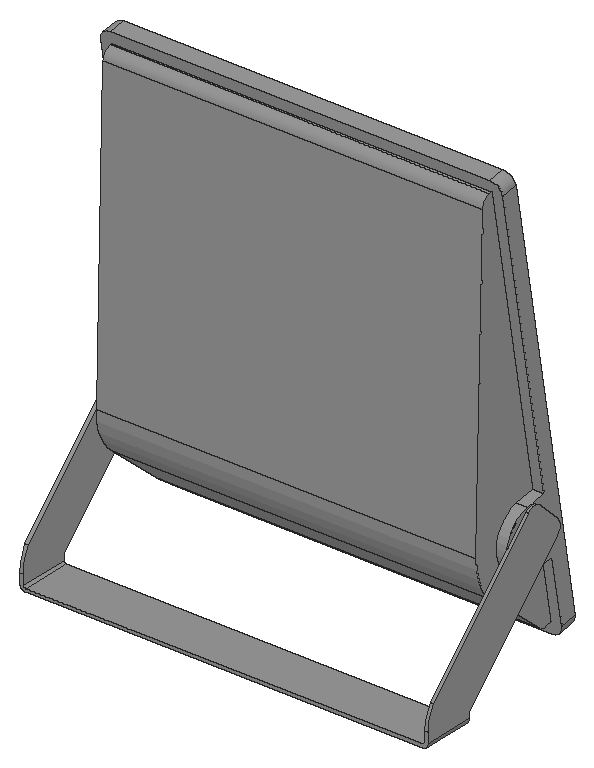
Revit family "0048530", category Lighting Fixtures, host Face, Revit 2017
Family settings
  Host = Face
  Round Connector Dimension = Use Diameter
  Part Type = Normal
  OmniClass Number = 23.80.70.00
  OmniClass Title = Lighting
  Cut with Voids When Loaded = No
  Light Source = No
  Shared = No
  Room Calculation Point = No
Parameters (values of type "0048530 START FLOOD IP66 26KLM 830 WB")
  WingRadius_SYL = 10 mm
  WingLength_SYL = if([50W_SYL], 100 mm, if([100W_SYL], 142 mm, if([150W_SYL], 142 mm, if([200W_SYL], 150 mm, 170 mm))))  # 150 mm
  WidthBracket_SYL = 45 mm
  Weight = "6.2 kg"
  Wattage Comments = ""
  WarrantyStartDate [instance] = "n/a"
  WarrantyGuarantorParts = "n/a"
  WarrantyDurationUnit = "n/a"
  WarrantyDurationParts = "n/a"
  WarrantyDescription = "n/a"
  Voltage = 0 V
  URL = "http://www.sylvania-lighting.com"
  TypeName = "Start Flood IP66 26KLM 830 WB"
  TypeHead_SYL = START Flood IP66 200W luminaire : 0048530
  Type Image = <None>
  Type Comments = "n/a"
  ThicknessBracket_SYL = 3 mm
  SerialNumber [instance] = "n/a"
  RotationAngle_SYL [instance] = -100.00°
  RadiusOutBracket_SYL = 5 mm
  RadiusInBracket_SYL = 2 mm
  Material_3_SYL = none
  PowerFactor = 0.98
  PowerConsumption = "200 W"
  NominalLength = 494 mm
  NominalHeight = 87 mm
  NominalDepth = 395 mm
  Name = "Start Flood IP66 26KLM 830 WB"
  ModelReference = Name  # "Start Flood IP66 26KLM 830 WB"
  ModelNumber = "0048530"
  Model = Name  # "Start Flood IP66 26KLM 830 WB"
  Material = "n/a"
  ManufacturerName = "Feilo Sylvania"
  Manufacturer = "Feilo Sylvania"
  LuminousEfficacy = "128 lm/W"
  LuminaireType = ""
  LightOutputRatio = "n/a"
  LengthIn_SYL = if([50W_SYL], 210 mm, if([100W_SYL], 300 mm, if([150W_SYL], 295 mm, if([200W_SYL], 360 mm, 430 mm))))  # 360 mm
  LampsType = Lamp  # "LED"
  LampNominalLuminous = "25500 lm"
  LampMacAdamStep = "4"
  LampColourTemperature = "3000 K"
  LampColourRenderingIndex = "70"
  Lamp = "LED"
  Keynote = "16500"
  InstallationDate [instance] = "n/a"
  InputVoltage = "n/a"
  InputNominalFrequency = "n/a"
  IngressProtection = "IP66"
  ImpactProtectionIndex = "IK08"
  IfcExportType = "IfcLightFixtureType"
  IfcExportAs = "IfcLightFixtureType"
  EndAngle_SYL [instance] = RotationAngle_SYL + 180.00°  # 80.00°
  ElectricShockClassification = "Class I"
  DocumentationLiterature = "http://www.sylvania-lighting.com/product/en-int/products/0048530"
  DimmingControlOptions = "n/a"
  Material_2_SYL = none
  Description = "Exterior LED Floodlight, comes complete with 1000mm flying lead and adjustable bracket, aluminium housing, clear glass diffuser, IP66, IK08, Class I, 3000K, Non-dimming, 25500lm, 200W, 128lm/W, CRI80, Symmetrical Wide beam angle (60°), 60000 hrs L70B50 lifetime, 494 x 395 x 87mm (LxWxD) dimensions, 6.2kg weight."
  Default Elevation = 1219.2 mm
  CreatedOn = "9/23/2020"
  CreatedBy = "@sylvania-lighting.com"
  Cost = 0
  built-in parameter 1114216 [instance] = (empty or 0)
  ClassificationValue = "EF_70_80"
  ClassificationName = "Uniclass2015"
  Material_1_SYL = Steel, Paint Finish, Dark Gray, Matte
  BarCode [instance] = "n/a"
  AxisOffsetWingEnd_SYL = WidthBracket_SYL / 2  # 22.5 mm
  AxisHeight_SYL = sin(45.00°) * WingLength_SYL  # 106.066 mm
  AxisDepth_SYL = cos(45.00°) * (WingLength_SYL - tan(45.00°) * AxisOffsetWingEnd_SYL - AxisOffsetWingEnd_SYL)  # 74.246 mm
  AssetType = "Fixed"
  AssetIdentifier [instance] = "n/a"
  Assembly Code = "D5020200"
  Apparent Load = 200 VA
  Material_4_SYL = none
  50W_SYL = no
  200W_SYL = yes
  150W_SYL = no
  100W_SYL = no
Reference planes
  plane 1 "Center (Front/Back)": y = 0
  plane 2: z = 0
  plane 3 "Center (Left/Right)": x = 0
  plane 4: x = 183
  plane 5: x = -183
  plane 6: x = 180
  plane 7: x = -180
  plane 8: z = 10
  plane 9: y = 22.5
  plane 10: y = -22.5
  plane 11: z = 3
  plane 12: z = 116.066
  plane 13: y = 96.746
Forms (mm)
  Extrusion 1, solid, material "Steel, Paint Finish, Dark Gray, Matte" <- "Material_1_SYL"
    sketch origin (0, 0, 0) x (1, 0, 0) y (0, 0, 1)
      loop
        arc (178, 0) -> (181.536, 1.464) -> (183, 5) r 5
        line (183, 5) -> (183, 10) -> (180, 10) -> (180, 5)
        arc (180, 5) -> (179.414, 3.586) -> (178, 3) r 2
        line (178, 3) -> (-178, 3)
        arc (-178, 3) -> (-179.414, 3.586) -> (-180, 5) r 2
        line (-180, 5) -> (-180, 10) -> (-183, 10) -> (-183, 5)
        arc (-183, 5) -> (-181.536, 1.464) -> (-178, 0) r 5
        line (-178, 0) -> (178, 0)
    from -22.5 to 22.5
  Extrusion 2, solid, material "Steel, Paint Finish, Dark Gray, Matte" <- "Material_1_SYL"
    sketch origin (180, -4572, 2609.058) x (0, 0, 1) y (0, -1, 0)
      loop
        line (-2599.058, -4594.5) -> (-2500.063, -4693.495)
        arc (-2500.063, -4693.495) -> (-2492.992, -4696.424) -> (-2485.921, -4693.495) r 10
        line (-2485.921, -4693.495) -> (-2468.243, -4675.817)
        arc (-2468.243, -4675.817) -> (-2465.314, -4668.746) -> (-2468.243, -4661.675) r 10
        line (-2468.243, -4661.675) -> (-2574.561, -4555.358)
        arc (-2574.561, -4555.358) -> (-2584.325, -4550.994) -> (-2594.916, -4549.5) r 38.295
        line (-2594.916, -4549.5) -> (-2599.058, -4549.5) -> (-2599.058, -4594.5)
    from 0 to 3
  Extrusion 3, solid, material "Steel, Paint Finish, Dark Gray, Matte" <- "Material_1_SYL"
    sketch origin (-183, -4572, 2609.058) x (0, 0, 1) y (0, -1, 0)
      loop
        arc (-2500.063, -4693.495) -> (-2492.992, -4696.424) -> (-2485.921, -4693.495) r 10
        line (-2485.921, -4693.495) -> (-2468.243, -4675.817)
        arc (-2468.243, -4675.817) -> (-2465.314, -4668.746) -> (-2468.243, -4661.675) r 10
        line (-2468.243, -4661.675) -> (-2574.561, -4555.358)
        arc (-2574.561, -4555.358) -> (-2584.325, -4550.994) -> (-2594.916, -4549.5) r 38.295
        line (-2594.916, -4549.5) -> (-2604.058, -4549.5) -> (-2604.058, -4594.5) -> (-2599.058, -4594.5) -> (-2500.063, -4693.495)
    from 0 to 3
  Revolve 4, solid, not visible
    sketch origin (1223.4, -4572, 116.066) x (0, -1, 0) y (1, 0, 0)
      loop
        line (-4668.746, -1223.4) -> (-4683.746, -1223.4) -> (-4683.746, -1273.4) -> (-4668.746, -1273.4) -> (-4668.746, -1223.4)
      axis (-4668.746, -1223.4) -> (-4668.746, -1273.4)
    angle from -100 <- "RotationAngle_SYL" to 80 <- "EndAngle_SYL"
Cuts and joins
  joined: Extrusion 1, Extrusion 2, Extrusion 3
Lines and regions (mm)
  reference lines
    curve 1: line (0, 22.5, 10) -> (0, 174.528, 162.028)
    curve 2: line (0, 131.244, 182.383) -> (0, -22.5, 28.64)
    curve 3: line (0, 96.746, 147.886) -> (0, 128.566, 116.066)
    curve 4: line (-183, 4.393, 23.713) -> (-183, 172.635, 191.954)
    curve 5: line (0, 80.836, 131.976) -> (0, 112.656, 100.156)
Dimensions and locks
  locked: plane 8 to plane 2 at 10
  equal spacing: plane 10, plane 1 "Center (Front/Back)", plane 9
  "WidthBracket_SYL": plane 10 to plane 9
  "WidthBracket_SYL": curve 1 to curve 2
  "ThicknessBracket_SYL": plane 11 to plane 2
  "WingLength_SYL": curve 1 to curve 3
  level to Extrusion 1 = 10 mm
  equal spacing: plane 6, plane 3 "Center (Left/Right)", plane 7
  "LengthIn_SYL": plane 6 to plane 7
  equal spacing: plane 4, plane 3 "Center (Left/Right)", plane 5
  "ThicknessBracket_SYL": plane 7 to plane 5
  equal spacing: curve 1, curve 4, curve 2
  "AxisOffsetWingEnd_SYL": curve 3 to curve 5
  "AxisHeight_SYL": plane 12 to plane 8
  "AxisDepth_SYL": plane 9 to plane 13
  "RadiusInBracket_SYL": radius of Extrusion 1 sketch curve  (x2)
  "RadiusOutBracket_SYL": radius of Extrusion 1 sketch curve  (x2)
  "WingRadius_SYL": radius of Extrusion 2 sketch curve  (x2)
  locked: plane 8 to curve 1 (angle 45.00°)
  locked: plane 8 to curve 2 (angle 45.00°)
  aligned and locked: plane 2 to host face
  aligned and locked: level to host face
  aligned and locked: plane 9 to curve 1
  aligned and locked: plane 8 to curve 1
  aligned and locked: plane 10 to curve 2
  aligned and locked: plane 5 to Extrusion 1 sketch curve
  aligned and locked: plane 8 to Extrusion 1 sketch curve  (x2)
  aligned and locked: Extrusion 1 sketch curve to plane 7
  aligned and locked: plane 11 to Extrusion 1 sketch curve
  aligned and locked: plane 6 to Extrusion 1 sketch curve
  aligned and locked: Extrusion 1 sketch curve to plane 4
  aligned and locked: Extrusion 1 to plane 9
  aligned and locked: plane 10 to Extrusion 1
  aligned and locked: Extrusion 2 sketch curve to curve 1
  aligned and locked: curve 2 to Extrusion 2 sketch curve
  aligned and locked: plane 10 to Extrusion 2 sketch curve
  aligned and locked: Extrusion 2 sketch curve to Extrusion 1
  aligned and locked: plane 4 to Extrusion 2
  aligned and locked: Extrusion 2 to plane 6
  aligned and locked: plane 7 to Extrusion 3
  aligned and locked: Extrusion 3 to plane 5
  aligned and locked: cut or joined group of Extrusion 1, Extrusion 2, Extrusion 3 to curve 5  (x2)
  aligned and locked: Revolve 4 sketch curve to plane 13  (x2)
  aligned and locked: Revolve 4 sketch curve to curve 3
  aligned and locked: curve 2 to plane 3 "Center (Left/Right)"
  aligned and locked: nested 1 to plane 3 "Center (Left/Right)"
  aligned and locked: plane 3 "Center (Left/Right)" to nested 1
  aligned and locked: Extrusion 3 sketch curve to cut or joined group of Extrusion 1, Extrusion 2, Extrusion 3  (x5)
  aligned and locked: cut or joined group of Extrusion 1, Extrusion 2, Extrusion 3 to Extrusion 3 sketch curve
Automatic sketch dimensions
  host sketch curve to host sketch curve = 2438.4 mm  (x2)
  curve 4 to plane 1 "Center (Front/Back)" = 4.393 mm
  curve 4 to plane 9 = 150.135 mm
  Revolve 4 sketch curve to Revolve 4 sketch curve = 15 mm
  Revolve 4 sketch curve to plane 3 "Center (Left/Right)" = 50 mm
  Revolve 4 sketch curve to plane 5 = 1316.635 mm
  plane 4 to Revolve 4 sketch curve = 1441.773 mm
  Extrusion 3 sketch curve to plane 10 = 5.858 mm
  plane 12 to Extrusion 3 sketch curve = 7.071 mm
  Extrusion 3 sketch curve to plane 12 = 7.071 mm
  Extrusion 3 sketch curve to Extrusion 3 sketch curve = 7.071 mm
  plane 13 to Extrusion 3 sketch curve = 7.071 mm
  Extrusion 1 sketch curve to Extrusion 1 sketch curve = 0 mm  (x2)
  plane 12 to Extrusion 2 sketch curve = 0 mm
  Extrusion 2 sketch curve to plane 13 = 0 mm
  Extrusion 2 sketch curve to Extrusion 2 sketch curve = 4.142 mm
  Extrusion 2 sketch curve to plane 10 = 5.858 mm
  plane 12 to Extrusion 2 sketch curve = 7.071 mm
  Extrusion 2 sketch curve to plane 12 = 7.071 mm
  plane 13 to Extrusion 2 sketch curve = 7.071 mm
  Extrusion 2 sketch curve to plane 13 = 7.071 mm
Nested families
  nested 1: "START Flood IP66 200W luminaire" at (0, 96.746, 116.066) x (-1, 0, 0) z (0, 0.9848, 0.1736), type <- "TypeHead_SYL", type "0048530"
    with built-in parameter 1114216 (empty or 0), Apparent Load 200 VA
Connectors
  electrical at (4.2, 0, 0), driven by "Voltage", driven by "Apparent Load", driven by "PowerFactor"
    settings: on host face, index 1, voltage 0 V, apparent load 200 VA, apparent load phase1 0 VA, apparent load phase2 0 VA, apparent load phase3 0 VA, power factor 0.98, load classification "Other", number of poles 1, system type 30, power factor state 1, is connector primary yes, connector utility no, sub classification motor no, connector description ""
Definition of nested family "START Flood IP66 200W luminaire"
  Parameters (values of type "0048213 Start Flood IP66 27500lm 740 ASYM")
    WidthHead_SYL = if([50W_SYL], 210 mm, if([100W_SYL], 300 mm, if([150W_SYL], 295 mm, if([200W_SYL], 360 mm, 430 mm))))  # 360 mm
    Wattage Comments = "n/a"
    Wattage = 199 W
    built-in parameter 1150110 = 1 (stored number, unit not read)
    URL = "http://www.sylvania-lighting.com"
    Type Image = (empty or 0)
    Type Comments = "n/a"
    built-in parameter 1114217 = 1 (stored number, unit not read)
    Tilt Angle = -90.00°
    built-in parameter 1150109 = 1 (stored number, unit not read)
    built-in parameter 1150134 = 12
    built-in parameter 1150113 = 1 (stored number, unit not read)
    ScreenThickness_SYL = 14.5 mm  # constant formula
    ReflectorOffset_SYL = 12 mm  # constant formula
    ReflectorOffsetIn_SYL = RadiusReflectorFront_SYL  # 30 mm
    ReflectorHeight_SYL = if([50W_SYL], 145 mm, if([100W_SYL], 165 mm, if([150W_SYL], 210 mm, if([200W_SYL], 240 mm, 290 mm))))  # 240 mm
    RadiusReflectorIn_SYL = 5 mm  # constant formula
    RadiusReflectorFront_SYL = if([50W_SYL], 30 mm, if([100W_SYL], 30 mm, if([150W_SYL], 30 mm, if([200W_SYL], 30 mm, 35 mm))))  # 30 mm
    RadiusHinge_SYL = RadiusBack_SYL / 1.8  # 27.778 mm
    RadiusBack_SYL = if([50W_SYL], 31.3 mm, if([100W_SYL], 40 mm, if([150W_SYL], 40 mm, if([200W_SYL], 50 mm, 55 mm))))  # 50 mm
    Photometric Web File = "0048213.ies"
    OffsetBack_SYL = 10 mm  # constant formula
    Material_5_SYL = none
    Material_3_SYL = none
    Model = "Start Flood IP66 27500lm 740 ASYM"
    Manufacturer = "Feilo Sylvania"
    built-in parameter 1150105 = 14256.2 (stored number, unit not read)
    Lumens = 26865 lm
    built-in parameter 1150115 = 1 (stored number, unit not read)
    built-in parameter 1150137 = (empty or 0)
    built-in parameter 1150139 = (empty or 0)
    built-in parameter 1150112 = 1 (stored number, unit not read)
    built-in parameter 1150114 = 1 (stored number, unit not read)
    Lamp = "LED"
    Keynote = "16500"
    Material_2_SYL = none
    built-in parameter 1150132 = (empty or 0)
    built-in parameter 1150102 = (empty or 0)
    built-in parameter 1150107 = 4000 (stored number, unit not read)
    built-in parameter 1150138 = (empty or 0)
    built-in parameter 1150106 = 142.56 (stored number, unit not read)
    HeightHead_SYL = if([50W_SYL], 250 mm, if([100W_SYL], 320 mm, if([150W_SYL], 367 mm, if([200W_SYL], 400 mm, 470 mm))))  # 400 mm
    Emit from Rectangle Width = WidthHead_SYL - 4 mm - ReflectorOffset_SYL * 2 - ReflectorOffsetIn_SYL * 2  # 272 mm
    Emit from Rectangle Length = ReflectorHeight_SYL - ReflectorOffsetIn_SYL * 2  # 180 mm
    Emit Shape Visible in Rendering = no
    built-in parameter 1150104 = 12.542 (stored number, unit not read)
    Dimming Lamp Color Temperature Shift = (empty or 0)
    Description = ""
    Default Elevation = 1219.2 mm
    Cost = 0
    Color Filter = 16777215
    built-in parameter 1114216 [instance] = (empty or 0)
    Material_1_SYL = none
    Chamfer_SYL = if([50W_SYL], 15 mm, if([100W_SYL], 15 mm, if([150W_SYL], 15 mm, if([200W_SYL], 15 mm, 20 mm))))  # 15 mm
    built-in parameter 1114218 = 1 (stored number, unit not read)
    AxisOffsetBottom_SYL = if([50W_SYL], 68 mm, if([100W_SYL], 80 mm, if([150W_SYL], 92.2 mm, if([200W_SYL], 99.7 mm, 117 mm))))  # 99.7 mm
    AxisOffsetFront_SYL = if([50W_SYL], 28.4 mm, if([100W_SYL], 33.2 mm, if([150W_SYL], 33.2 mm, if([200W_SYL], 32.9 mm, 38.3 mm))))  # 32.9 mm
    built-in parameter 1150133 = 10 (stored number, unit not read)
    Assembly Code = "D5020200"
    Apparent Load = 199 VA
    Material_4_SYL = none
    50W_SYL = no
    200W_SYL = yes
    150W_SYL = no
    100W_SYL = no
  Types (2, lengths in mm): name | Photometric Web File | Model | built-in parameter 1150105 | Lumens | built-in parameter 1150106 | built-in parameter 1150104
    0048213 Start Flood IP66 27500lm 740 ASYM | "0048213.ies" | "Start Flood IP66 27500lm 740 ASYM" | 14256.2 (stored number, unit not read) | 26865 lm | 142.56 (stored number, unit not read) | 12.542 (stored number, unit not read)
    0048212 Start Flood IP66 27500lm 740 WB | "0048212.ies" | "Start Flood IP66 27500lm 740 WB" | 31865.5 (stored number, unit not read) | 28656 lm | 318.65 (stored number, unit not read) | 13.378 (stored number, unit not read)
  Reference planes
    plane 1 "Center (Front/Back)": y = 0
    plane 2: z = 0
    plane 3 "Center (Left/Right)": x = 0
    plane 4: x = 180
    plane 5: x = -180
    plane 6: y = -99.7
    plane 7: y = 300.3
    plane 8: z = 32.9
    plane 9: z = 18.4
    plane 10: y = 290.3
    plane 11: y = -89.7
    plane 12: x = -170
    plane 13: x = 170
    plane 14: x = -178
    plane 15: y = 298.3
    plane 16: x = 178
    plane 17: y = -97.7
    plane 18: y = 283.3
    plane 19: x = 163
    plane 20: x = -163
    plane 21: y = -82.7
    plane 22: z = 30.9
    plane 23: z = 8.4
    plane 24: x = -166
    plane 25: y = 286.3
    plane 26: x = 166
    plane 27: y = 46.3
    plane 28: x = -136
    plane 29: y = 76.3
    plane 30: x = 136
    plane 31: y = 256.3
    plane 32: y = 166.3
  Forms (mm)
    Extrusion 1, solid
      sketch origin (4.2, 0, 0) x (1, 0, 0) y (0, 1, 0)
        loop
          line (-1219.2, 1219.2) -> (-1219.2, -1219.2) -> (1219.2, -1219.2) -> (1219.2, 1219.2) -> (-1219.2, 1219.2)
      from 0 to -68.017
    Extrusion 2, solid, material <- "Material_1_SYL"
      sketch origin (0, 1219.2, 32.9) x (1, 0, 0) y (0, -1, 0)
        loop
          line (-170, 918.9) -> (170, 918.9)
          arc (170, 918.9) -> (177.071, 921.829) -> (180, 928.9) r 10
          line (180, 928.9) -> (180, 1308.9)
          arc (180, 1308.9) -> (177.071, 1315.971) -> (170, 1318.9) r 10
          line (170, 1318.9) -> (-170, 1318.9)
          arc (-170, 1318.9) -> (-177.071, 1315.971) -> (-180, 1308.9) r 10
          line (-180, 1308.9) -> (-180, 928.9)
          arc (-180, 928.9) -> (-177.071, 921.829) -> (-170, 918.9) r 10
      from 0 to 14.5
    Extrusion 3, void
      sketch origin (0, 1219.2, 32.9) x (1, 0, 0) y (0, -1, 0)
        loop
          line (-163, 920.9) -> (163, 920.9) -> (178, 935.9) -> (178, 1301.9) -> (163, 1316.9) -> (-163, 1316.9) -> (-178, 1301.9) -> (-178, 935.9) -> (-163, 920.9)
      from 0 to 2
    Blend 4, void
      base sketch origin (0, 1219.2, 30.9) x (0, -1, 0) y (1, 0, 0)
        loop
          arc (932.9, -136) -> (941.687, -157.213) -> (962.9, -166) r 30
          line (962.9, -166) -> (1142.9, -166)
          arc (1142.9, -166) -> (1164.113, -157.213) -> (1172.9, -136) r 30
          line (1172.9, -136) -> (1172.9, 136)
          arc (1172.9, 136) -> (1164.113, 157.213) -> (1142.9, 166) r 30
          line (1142.9, 166) -> (962.9, 166)
          arc (962.9, 166) -> (941.687, 157.213) -> (932.9, 136) r 30
          line (932.9, 136) -> (932.9, -136)
      top sketch origin (0, 1219.2, 30.9) x (0, -1, 0) y (1, 0, 0)
        loop
          arc (962.9, -133) -> (964.744, -135.183) -> (967.483, -136) r 5
          line (967.483, -136) -> (1137.9, -136)
          arc (1137.9, -136) -> (1141.436, -134.536) -> (1142.9, -131) r 5
          line (1142.9, -131) -> (1142.9, 131)
          arc (1142.9, 131) -> (1141.436, 134.536) -> (1137.9, 136) r 5
          line (1137.9, 136) -> (967.9, 136)
          arc (967.9, 136) -> (964.364, 134.536) -> (962.9, 131) r 5
          line (962.9, 131) -> (962.9, -133)
      from 0 to -22.5
    Extrusion 5, solid, material <- "Material_1_SYL"
      sketch origin (0, 0, 0) x (0, 1, 0) y (0, 0, 1)
        loop
          line (-89.7, 18.4) -> (-89.7, 13.172)
          arc (-89.7, 13.172) -> (-88.725, 8.865) -> (-85.991, 5.398) r 10
          line (-85.991, 5.398) -> (-33.861, -36.789)
          arc (-33.861, -36.789) -> (-12.912, -48.304) -> (10.987, -48.778) r 50
          line (10.987, -48.778) -> (282.306, 6.763)
          arc (282.306, 6.763) -> (288.048, 10.238) -> (290.3, 16.56) r 10
          line (290.3, 16.56) -> (290.3, 18.4) -> (-89.7, 18.4)
      from -170 to 170
    Extrusion 6, solid, material <- "Material_4_SYL"
      sketch origin (0, 1219.2, 30.9) x (1, 0, 0) y (0, -1, 0)
        loop
          line (163, 920.9) -> (178, 935.9) -> (178, 1301.9) -> (163, 1316.9) -> (-163, 1316.9) -> (-178, 1301.9) -> (-178, 935.9) -> (-163, 920.9) -> (163, 920.9)
      from -2 to 0
    Extrusion 7, solid, material <- "Material_1_SYL"
      sketch origin (0, 0, 0) x (0, 1, 0) y (0, 0, 1)
        loop
          arc (-27.778, 0) -> (0, -27.778) -> (27.778, 0) r 27.778
          line (27.778, 0) -> (27.778, 18.4) -> (-27.778, 18.4) -> (-27.778, 0)
      from -180 to 180
  Cuts and joins
    Extrusion 3, Blend 4 cuts Extrusion 2
    joined: Extrusion 2, Extrusion 5, Extrusion 7
  Lines and regions (mm)
    Split face 1
      outline origin (0, 1219.2, 32.9) x (1, 0, 0) y (0, 1, 0)
        loop
          arc (136, -1172.9) -> (157.213, -1164.113) -> (166, -1142.9) r 30
          line (166, -1142.9) -> (166, -962.9)
          arc (166, -962.9) -> (157.213, -941.687) -> (136, -932.9) r 30
          line (136, -932.9) -> (-136, -932.9)
          arc (-136, -932.9) -> (-157.213, -941.687) -> (-166, -962.9) r 30
          line (-166, -962.9) -> (-166, -1142.9)
          arc (-166, -1142.9) -> (-157.213, -1164.113) -> (-136, -1172.9) r 30
          line (-136, -1172.9) -> (136, -1172.9)
    reference lines
      curve 1: circle (0, 0, 0) r 50 normal (1, 0, 0)
      curve 2: line (-136, 286.3, 32.9) -> (136, 286.3, 32.9)
      curve 3: line (-166, 76.3, 32.9) -> (-166, 256.3, 32.9)
      curve 4: line (136, 46.3, 32.9) -> (-136, 46.3, 32.9)
      curve 5: line (166, 256.3, 32.9) -> (166, 76.3, 32.9)
      curve 6: arc (-136, 286.3, 32.9) -> (-157.213, 277.513, 32.9) -> (-166, 256.3, 32.9) r 30
      curve 7: arc (136, 286.3, 32.9) -> (157.213, 277.513, 32.9) -> (166, 256.3, 32.9) r 30
      curve 8: arc (-166, 76.3, 32.9) -> (-157.213, 55.087, 32.9) -> (-136, 46.3, 32.9) r 30
      curve 9: arc (136, 46.3, 32.9) -> (157.213, 55.087, 32.9) -> (166, 76.3, 32.9) r 30
      curve 10: line (-133, 256.3, 32.9) -> (131, 256.3, 32.9)
      curve 11: line (-136, 81.3, 32.9) -> (-136, 251.717, 32.9)
      curve 12: line (131, 76.3, 32.9) -> (-131, 76.3, 32.9)
      curve 13: line (136, 251.3, 32.9) -> (136, 81.3, 32.9)
      curve 14: arc (-133, 256.3, 32.9) -> (-135.183, 254.456, 32.9) -> (-136, 251.717, 32.9) r 5
      curve 15: arc (-131, 76.3, 32.9) -> (-134.536, 77.764, 32.9) -> (-136, 81.3, 32.9) r 5
      curve 16: arc (136, 81.3, 32.9) -> (134.536, 77.764, 32.9) -> (131, 76.3, 32.9) r 5
      curve 17: arc (131, 256.3, 32.9) -> (134.536, 254.836, 32.9) -> (136, 251.3, 32.9) r 5
      curve 18: circle (0, 0, 0) r 27.778 normal (1, 0, 0)
  Dimensions and locks
    equal spacing: plane 4, plane 3 "Center (Left/Right)", plane 5
    "WidthHead_SYL": plane 4 to plane 5
    "AxisOffsetBottom_SYL": plane 6 to plane 1 "Center (Front/Back)"
    "HeightHead_SYL": plane 6 to plane 7
    "AxisOffsetFront_SYL": plane 8 to plane 2
    "ScreenThickness_SYL": plane 9 to plane 8
    equal spacing: plane 12, plane 3 "Center (Left/Right)", plane 13
    "OffsetBack_SYL": plane 5 to plane 12
    "OffsetBack_SYL": plane 10 to plane 7
    "OffsetBack_SYL": plane 6 to plane 11
    locked: plane 6 to plane 17 at 2
    locked: plane 16 to plane 4 at 2
    locked: plane 5 to plane 14 at 2
    locked: plane 15 to plane 7 at 2
    "Chamfer_SYL": plane 19 to plane 16
    "Chamfer_SYL": plane 14 to plane 20
    "Chamfer_SYL": plane 18 to plane 15
    locked: plane 22 to plane 8 at 2
    "Chamfer_SYL": plane 17 to plane 21
    locked: plane 23 to plane 9 at 10
    equal spacing: plane 24, plane 3 "Center (Left/Right)", plane 26
    "ReflectorOffset_SYL": plane 25 to plane 15
    "ReflectorHeight_SYL": plane 27 to plane 25
    "ReflectorOffset_SYL": plane 14 to plane 24
    "ReflectorOffsetIn_SYL": plane 31 to plane 25
    "ReflectorOffsetIn_SYL": plane 24 to plane 28
    "ReflectorOffsetIn_SYL": plane 27 to plane 29
    "ReflectorOffsetIn_SYL": plane 30 to plane 26
    level to Extrusion 7 = 18.4 mm
    equal spacing: plane 29, plane 32, plane 31
    "RadiusBack_SYL": radius of curve 1
    "OffsetBack_SYL": radius of Extrusion 2 sketch curve  (x4)
    "RadiusReflectorFront_SYL": radius of curve 6
    "RadiusReflectorFront_SYL": radius of curve 8
    "RadiusReflectorFront_SYL": radius of curve 9
    "RadiusReflectorFront_SYL": radius of curve 7
    "RadiusReflectorIn_SYL": radius of curve 14
    "RadiusReflectorIn_SYL": radius of curve 15
    "RadiusReflectorIn_SYL": radius of curve 16
    "RadiusReflectorIn_SYL": radius of curve 17
    radius of Extrusion 5 sketch curve = 10 mm  (x2)
    "RadiusHinge_SYL": radius of curve 18
    aligned and locked: plane 2 to Extrusion 1
    aligned and locked: level to Extrusion 1
    aligned and locked: Extrusion 2 sketch curve to plane 7
    aligned and locked: plane 12 to Extrusion 2 sketch curve  (x2)
    aligned and locked: plane 13 to Extrusion 2 sketch curve  (x2)
    aligned and locked: plane 10 to Extrusion 2 sketch curve
    aligned and locked: plane 11 to Extrusion 2 sketch curve  (x2)
    aligned and locked: plane 9 to Extrusion 2
    aligned and locked: Extrusion 2 to plane 8
    aligned and locked: plane 20 to Extrusion 3 sketch curve
    aligned and locked: plane 18 to Extrusion 3 sketch curve
    aligned and locked: plane 14 to Extrusion 3 sketch curve
    aligned and locked: plane 17 to Extrusion 3 sketch curve
    aligned and locked: Extrusion 3 sketch curve to plane 16
    aligned and locked: plane 19 to Extrusion 3 sketch curve
    aligned and locked: plane 15 to Extrusion 3 sketch curve
    aligned and locked: plane 22 to Extrusion 3
    aligned and locked: Extrusion 3 to plane 8
    aligned and locked: curve 2 to plane 25
    aligned and locked: curve 3 to plane 24
    aligned and locked: plane 27 to curve 4
    aligned and locked: plane 26 to curve 5
    aligned and locked: curve 10 to plane 31
    aligned and locked: curve 11 to plane 28
    aligned and locked: plane 29 to curve 12
    aligned and locked: plane 30 to curve 13
    aligned and locked: Blend 4 sketch curve to curve 6
    aligned and locked: Blend 4 sketch curve to curve 8
    aligned and locked: Blend 4 sketch curve to curve 9
    aligned and locked: Blend 4 sketch curve to curve 7
    aligned and locked: Blend 4 sketch curve to curve 10
    aligned and locked: Blend 4 sketch curve to curve 17
    aligned and locked: Blend 4 sketch curve to curve 16
    aligned and locked: Blend 4 sketch curve to curve 15
    aligned and locked: Blend 4 sketch curve to curve 14
    aligned and locked: Blend 4 to plane 22
    aligned and locked: Extrusion 5 sketch curve to curve 1
    aligned and locked: Extrusion 5 to plane 12
    aligned and locked: plane 13 to Extrusion 5
    aligned and locked: plane 23 to Blend 4
    aligned and locked: Extrusion 6 sketch curve to cut or joined group of Extrusion 2, Extrusion 3, Blend 4, Extrusion 5, Extrusion 7  (x8)
    aligned and locked: plane 22 to Extrusion 6
    aligned and locked: Extrusion 6 to plane 8
    aligned and locked: Split face 1 sketch curve to cut or joined group of Extrusion 2, Extrusion 3, Blend 4, Extrusion 5, Extrusion 7  (x4)
    aligned and locked: Extrusion 7 sketch curve to curve 18
    aligned and locked: plane 9 to Extrusion 7 sketch curve  (x2)
    aligned and locked: plane 4 to Extrusion 7
    aligned and locked: Extrusion 7 to plane 5
    aligned and locked: plane 3 "Center (Left/Right)" to imposter light
    aligned and locked: plane 32 to imposter light
    aligned and locked: imposter light to plane 8
  Automatic sketch dimensions
    Extrusion 1 sketch curve to Extrusion 1 sketch curve = 2438.4 mm  (x2)
    Extrusion 3 sketch curve to plane 20 = 0 mm
    Extrusion 3 sketch curve to plane 19 = 0 mm
    plane 21 to Extrusion 3 sketch curve = 0 mm  (x2)
    plane 18 to Extrusion 3 sketch curve = 0 mm
    plane 28 to curve 10 = 3 mm
    plane 23 to Extrusion 5 sketch curve = 3.002 mm
    plane 18 to Extrusion 5 sketch curve = 0.994 mm
    Extrusion 5 sketch curve to plane 11 = 0 mm
    Extrusion 5 sketch curve to plane 10 = 0 mm
    plane 9 to Extrusion 5 sketch curve = 0 mm
    Extrusion 5 sketch curve to plane 11 = 3.709 mm
    plane 1 "Center (Front/Back)" to Extrusion 5 sketch curve = 33.861 mm
    Extrusion 5 sketch curve to plane 1 "Center (Front/Back)" = 10.987 mm
    plane 23 to Extrusion 5 sketch curve = 1.637 mm
    curve 1 to curve 18 = 0 mm  (x2)
    curve 18 to level = 0 mm
    curve 18 to plane 1 "Center (Front/Back)" = 0 mm
    Extrusion 7 sketch curve to level = 0 mm
